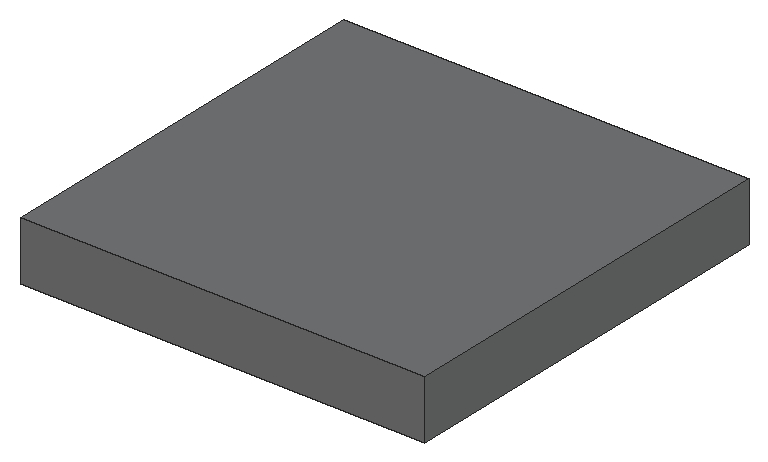
Revit family "Gira_087601", category Electrical Fixtures, host Face, Revit 2017
Family settings
  Host = Face
  Maintain Annotation Orientation = No
  Round Connector Dimension = Use Diameter
  Part Type = Normal
  Cut with Voids When Loaded = No
  Shared = No
  Room Calculation Point = No
Parameters (values of type "Cov. in.sp. TAE USB System 55 cr.white")
  URL = "http://katalog.gira.de/en/datenblatt.html?artikelnr=087601"
  Transparent = "No"
  Name = "Cov. in.sp. TAE USB System 55 cr.white"
  Manufacturer URL = "https://www.gira.de/"
  Manufacturer = "Gira"
  Keynote = ""
  HeinzeBIM = "https://bimportal.heinze.de/bim/cov-in-sp-tae-usb-system-55-cr-white/39dc29031af41180100e91df9b4b6423fde67fdf"
  HAN = "087601"
  GTIN = "4010337876014"
  Description = "Cov.in.sp.TAE USB Sys55 CW,Cover for USB data interface,with inscription space,cream white glossy,Notes :,- Suitable for USB power supply.,- Suitable for USB data interface."
  Default Elevation = 1219.2 mm
  Data sheet (1) = "https://katalog.gira.de/en/download.html?artikelnr=087601"
  Category = "Insert/cover for communication technology"
  BIM (1) = "https://media.stage.bim.site/public/gira/36a6b08/Sys55_Abdeckung_Schalten und Tasten.rfa?public/gira/36a6b08/Sys55_Abdeckung_Schalten und Tasten.rfa"
  Available = "No"
  Anthrazit [instance] = Anthrazit
Reference planes
  plane 1 "Center (Front/Back)": y = 0
  plane 2: z = 0
  plane 3 "Center (Left/Right)": x = 0
Forms (mm)
  Extrusion 1, solid, material "Anthrazit" <- "Anthrazit", detail levels fine
    sketch origin (0, 0, 0) x (1, 0, 0) y (0, 1, 0)
      loop
        line (-27.5, 27.5) -> (-27.5, -27.5) -> (27.5, -27.5) -> (27.5, 27.5) -> (-27.5, 27.5)
    from 0 to 8
  Extrusion 2, void
    sketch origin (0, 0, 0) x (1, 0, 0) y (0, 1, 0)
      loop
        line (26, 26) -> (-26, 26) -> (-26, -26) -> (26, -26) -> (26, 26)
    from 0 to 6
  Extrusion 3, solid, material "Anthrazit" <- "Anthrazit", detail levels medium
    sketch origin (0, 0, 0) x (1, 0, 0) y (0, 1, 0)
      loop
        line (-27.5, 27.5) -> (-27.5, -27.5) -> (27.5, -27.5) -> (27.5, 27.5) -> (-27.5, 27.5)
    from 0 to 8
  Extrusion 4, solid, material "Anthrazit" <- "Anthrazit", detail levels medium
    sketch origin (0, 0, 0) x (1, 0, 0) y (0, 1, 0)
      loop
        line (11, -17.5) -> (11, 17.5) -> (-11, 17.5) -> (-11, -17.5) -> (11, -17.5)
    from -6 to 6
  Extrusion 5, solid, material "Anthrazit" <- "Anthrazit", detail levels fine
    sketch origin (0, 0, 0) x (1, 0, 0) y (0, 1, 0)
      loop
        line (11, 17.5) -> (-11, 17.5) -> (-11, 16.5) -> (11, 16.5) -> (11, 17.5)
      loop
        line (-11, -16.5) -> (-11, -17.5) -> (11, -17.5) -> (11, -16.5) -> (-11, -16.5)
    from -4 to 6
  Extrusion 6, solid, material "Anthrazit" <- "Anthrazit", detail levels fine
    sketch origin (0, 0, 0) x (1, 0, 0) y (0, 1, 0)
      loop
        arc (5, 9.347) -> (0, 10.6) -> (-5, 9.347) r 10.6
        line (-5, 9.347) -> (-5, -9.347)
        arc (-5, -9.347) -> (0, -10.6) -> (5, -9.347) r 10.6
        line (5, -9.347) -> (5, 9.347)
    from -6 to 6
  Extrusion 7, solid, material "Anthrazit" <- "Anthrazit", detail levels coarse
    sketch origin (0, 0, 0) x (1, 0, 0) y (0, 1, 0)
      loop
        line (-27.5, 27.5) -> (-27.5, -27.5) -> (27.5, -27.5) -> (27.5, 27.5) -> (-27.5, 27.5)
    from -6 to 8
Cuts and joins
  Extrusion 2 cuts Extrusion 1
Dimensions and locks
  aligned and locked: plane 2 to host face
  aligned and locked: level to host face
